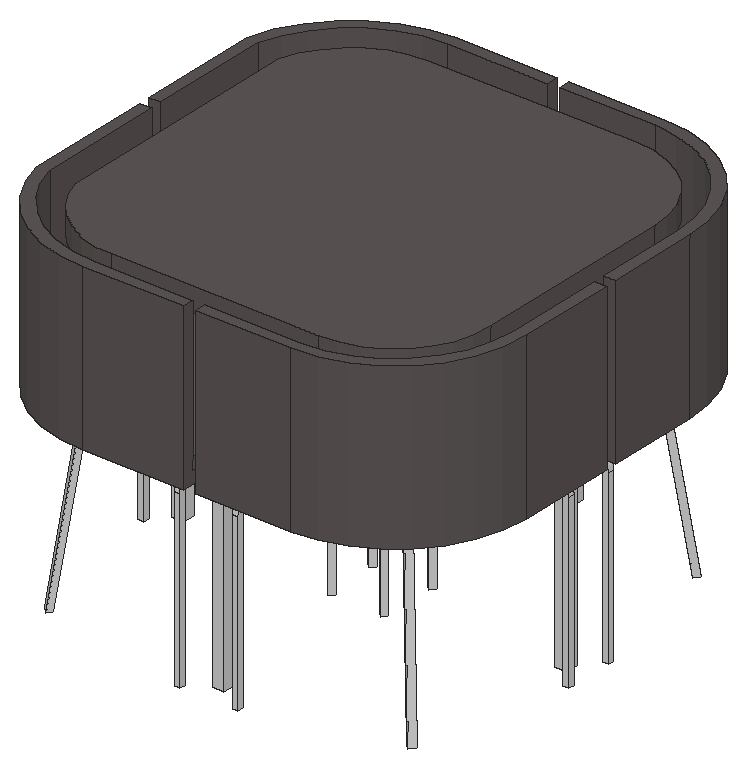
Revit family "Fusion_Table_and_4_chairs", category Furniture, Revit 2012
Reference planes (in)
  plane 1 "Center Front/Back": y = 0
  plane 2: z = 0
  plane 3 "Center Left/Right": x = 0
Forms (in)
  Extrusion 1, solid, material "Wood"
    sketch origin (0.5, -0.5, 0) x (1, 0, 0) y (0, 1, 0)
      loop
        arc (-9.44795, 16.76088) -> (-14.32065, 15.1057) -> (-17.17705, 10.82507) r 8
        line (-17.17705, 10.82507) -> (-17.17705, -10.42831)
        arc (-17.17705, -10.42831) -> (-14.32065, -14.70894) -> (-9.44795, -16.36412) r 8
        line (-9.44795, -16.36412) -> (7.94795, -16.36412)
        arc (7.94795, -16.36412) -> (13.6048, -14.02097) -> (15.94795, -8.36412) r 8
        line (15.94795, -8.36412) -> (15.94795, 8.76088)
        arc (15.94795, 8.76088) -> (13.6048, 14.41773) -> (7.94795, 16.76088) r 8
        line (7.94795, 16.76088) -> (-9.44795, 16.76088)
    from 27.5 to 29.5
  Extrusion 2, solid, material "Wood"
    sketch origin (0, 0, 0) x (1, 0, 0) y (0, 1, 0)
      loop
        line (-0.5, 6.00472) -> (-0.5, 18.26088) -> (-8.94795, 18.26088)
        arc (-8.94795, 18.26088) -> (-15.14802, 16.10684) -> (-18.67705, 10.57268) r 10
        line (-18.67705, 10.57268) -> (-18.67705, 0.5) -> (-6.00472, 0.5)
        arc (-6.00472, 0.5) -> (-2.11229, 2.11229) -> (-0.5, 6.00472) r 5.50472
      loop
        line (0.5, 18.26088) -> (0.5, 6.00472)
        arc (0.5, 6.00472) -> (2.11229, 2.11229) -> (6.00472, 0.5) r 5.50472
        line (6.00472, 0.5) -> (18.44795, 0.5) -> (18.44795, 8.26088)
        arc (18.44795, 8.26088) -> (15.51901, 15.33195) -> (8.44795, 18.26088) r 10
        line (8.44795, 18.26088) -> (0.5, 18.26088)
      loop
        line (0.5, -6.00472) -> (0.5, -18.86412) -> (8.44795, -18.86412)
        arc (8.44795, -18.86412) -> (15.51901, -15.93519) -> (18.44795, -8.86412) r 10
        line (18.44795, -8.86412) -> (18.44795, -0.5) -> (6.00472, -0.5)
        arc (6.00472, -0.5) -> (2.11229, -2.11229) -> (0.5, -6.00472) r 5.50472
      loop
        arc (-0.5, -6.00472) -> (-2.11229, -2.11229) -> (-6.00472, -0.5) r 5.50472
        line (-6.00472, -0.5) -> (-18.67705, -0.5) -> (-18.67705, -11.17592)
        arc (-18.67705, -11.17592) -> (-15.14802, -16.71007) -> (-8.94795, -18.86412) r 10
        line (-8.94795, -18.86412) -> (-0.5, -18.86412) -> (-0.5, -6.00472)
    from 16.125 to 17.125
  Extrusion 3, solid, material "Leather"
    sketch origin (0, 0, 0) x (1, 0, 0) y (0, 1, 0)
      loop
        line (-0.5, 18.26088) -> (-8.94795, 18.26088)
        arc (-8.94795, 18.26088) -> (-15.14802, 16.10684) -> (-18.67705, 10.57268) r 10
        line (-18.67705, 10.57268) -> (-18.67705, 0.5) -> (-6.00472, 0.5)
        arc (-6.00472, 0.5) -> (-2.11229, 2.11229) -> (-0.5, 6.00472) r 5.50472
        line (-0.5, 6.00472) -> (-0.5, 18.26088)
      loop
        line (0.5, 18.26088) -> (0.5, 6.00472)
        arc (0.5, 6.00472) -> (2.11229, 2.11229) -> (6.00472, 0.5) r 5.50472
        line (6.00472, 0.5) -> (18.44795, 0.5) -> (18.44795, 8.26088)
        arc (18.44795, 8.26088) -> (15.51901, 15.33195) -> (8.44795, 18.26088) r 10
        line (8.44795, 18.26088) -> (0.5, 18.26088)
      loop
        line (-6.00472, -0.5) -> (-18.67705, -0.5) -> (-18.67705, -11.17592)
        arc (-18.67705, -11.17592) -> (-15.14802, -16.71007) -> (-8.94795, -18.86412) r 10
        line (-8.94795, -18.86412) -> (-0.5, -18.86412) -> (-0.5, -6.00472)
        arc (-0.5, -6.00472) -> (-2.11229, -2.11229) -> (-6.00472, -0.5) r 5.50472
      loop
        line (18.44795, -0.5) -> (6.00472, -0.5)
        arc (6.00472, -0.5) -> (2.11229, -2.11229) -> (0.5, -6.00472) r 5.50472
        line (0.5, -6.00472) -> (0.5, -18.86412) -> (8.44795, -18.86412)
        arc (8.44795, -18.86412) -> (15.51901, -15.93519) -> (18.44795, -8.86412) r 10
        line (18.44795, -8.86412) -> (18.44795, -0.5)
    from 17.125 to 18.125
  Extrusion 4, solid, material "Wood"
    sketch origin (0, 0, 0) x (1, 0, 0) y (0, 1, 0)
      loop
        line (-19.67705, 10.68703) -> (-19.67705, 0.5) -> (-18.67705, 0.5) -> (-18.67705, 10.57268)
        arc (-18.67705, 10.57268) -> (-15.14802, 16.10684) -> (-8.94795, 18.26088) r 10
        line (-8.94795, 18.26088) -> (-0.5, 18.26088) -> (-0.5, 19.26088) -> (-8.94795, 19.26088)
        arc (-8.94795, 19.26088) -> (-15.81498, 16.85412) -> (-19.67705, 10.68703) r 11
      loop
        arc (-19.67705, -11.29027) -> (-15.81498, -17.45736) -> (-8.94795, -19.86412) r 11
        line (-8.94795, -19.86412) -> (-0.5, -19.86412) -> (-0.5, -18.86412) -> (-8.94795, -18.86412)
        arc (-8.94795, -18.86412) -> (-15.14802, -16.71007) -> (-18.67705, -11.17592) r 10
        line (-18.67705, -11.17592) -> (-18.67705, -0.5) -> (-19.67705, -0.5) -> (-19.67705, -11.29027)
      loop
        arc (8.44795, -19.86412) -> (16.22612, -16.64229) -> (19.44795, -8.86412) r 11
        line (19.44795, -8.86412) -> (19.44795, -0.5) -> (18.44795, -0.5) -> (18.44795, -8.86412)
        arc (18.44795, -8.86412) -> (15.51901, -15.93519) -> (8.44795, -18.86412) r 10
        line (8.44795, -18.86412) -> (0.5, -18.86412) -> (0.5, -19.86412) -> (8.44795, -19.86412)
      loop
        arc (19.44795, 8.26088) -> (16.22612, 16.03906) -> (8.44795, 19.26088) r 11
        line (8.44795, 19.26088) -> (0.5, 19.26088) -> (0.5, 18.26088) -> (8.44795, 18.26088)
        arc (8.44795, 18.26088) -> (15.51901, 15.33195) -> (18.44795, 8.26088) r 10
        line (18.44795, 8.26088) -> (18.44795, 0.5) -> (19.44795, 0.5) -> (19.44795, 8.26088)
    from 16.125 to 29.875
  Extrusion 5, solid, material "Chrome"
    sketch origin (0, 0, 0) x (0, 1, 0) y (0, 0, 1)
      loop
        arc (-13.88588, 27.5) -> (-15.8756, 26.74522) -> (-16.86412, 24.86068) r 3
        line (-16.86412, 24.86068) -> (-16.86412, 0) -> (-15.86412, 0) -> (-15.86412, 24.79423)
        arc (-15.86412, 24.79423) -> (-15.19193, 26.01467) -> (-13.88588, 26.5) r 2
        line (-13.88588, 26.5) -> (13.26088, 26.5)
        arc (13.26088, 26.5) -> (14.67509, 25.91421) -> (15.26088, 24.5) r 2
        line (15.26088, 24.5) -> (15.26088, 0) -> (16.26088, 0) -> (16.26088, 24.5)
        arc (16.26088, 24.5) -> (15.3822, 26.62132) -> (13.26088, 27.5) r 3
        line (13.26088, 27.5) -> (-13.88588, 27.5)
    from -0.5 to 0.5
  Extrusion 6, solid, material "Chrome"
    sketch origin (-0.47867, -0.30162, 0) x (-1, 0, 0) y (0, 0, 1)
      loop
        arc (-13.88588, 27.5) -> (-15.8756, 26.74522) -> (-16.86412, 24.86068) r 3
        line (-16.86412, 24.86068) -> (-16.86412, 0) -> (-15.86412, 0) -> (-15.86412, 24.79423)
        arc (-15.86412, 24.79423) -> (-15.19193, 26.01467) -> (-13.88588, 26.5) r 2
        line (-13.88588, 26.5) -> (13.26088, 26.5)
        arc (13.26088, 26.5) -> (14.67509, 25.91421) -> (15.26088, 24.5) r 2
        line (15.26088, 24.5) -> (15.26088, 0) -> (16.26088, 0) -> (16.26088, 24.5)
        arc (16.26088, 24.5) -> (15.3822, 26.62132) -> (13.26088, 27.5) r 3
        line (13.26088, 27.5) -> (-13.88588, 27.5)
    from -0.5 to 0.5
  Extrusion 7, solid, material "Chrome"
    sketch origin (-20.37553, -19.80355, 0) x (-0.707107, 0.707107, 0) y (0, 0, 1)
      loop
        line (21.05548, 0) -> (21.56171, 0) -> (19.1326, 15.33682)
        arc (19.1326, 15.33682) -> (18.67667, 15.88017) -> (18.01088, 16.12477) r 1.37799
        line (18.01088, 16.12477) -> (18.01088, 15.62144)
        arc (18.01088, 15.62144) -> (18.38239, 15.47581) -> (18.65108, 15.18079) r 0.87799
        line (18.65108, 15.18079) -> (21.05548, 0)
      loop
        line (-21.05548, 0) -> (-18.65108, 15.18079)
        arc (-18.65108, 15.18079) -> (-18.38239, 15.47581) -> (-18.01088, 15.62144) r 0.87799
        line (-18.01088, 15.62144) -> (-18.01088, 16.12477)
        arc (-18.01088, 16.12477) -> (-18.67667, 15.88017) -> (-19.1326, 15.33682) r 1.37799
        line (-19.1326, 15.33682) -> (-21.56171, 0) -> (-21.05548, 0)
    from 27.92441 to 28.51787
  Extrusion 8, solid, material "Chrome"
    sketch origin (-19.99368, 19.32576, 0) x (0.707107, 0.707107, 0) y (0, 0, 1)
      loop
        line (21.05548, 0) -> (21.56171, 0) -> (19.1326, 15.33682)
        arc (19.1326, 15.33682) -> (18.67667, 15.88017) -> (18.01088, 16.12477) r 1.37799
        line (18.01088, 16.12477) -> (18.01088, 15.62144)
        arc (18.01088, 15.62144) -> (18.38239, 15.47581) -> (18.65108, 15.18079) r 0.87799
        line (18.65108, 15.18079) -> (21.05548, 0)
      loop
        line (-21.05548, 0) -> (-18.65108, 15.18079)
        arc (-18.65108, 15.18079) -> (-18.38239, 15.47581) -> (-18.01088, 15.62144) r 0.87799
        line (-18.01088, 15.62144) -> (-18.01088, 16.12477)
        arc (-18.01088, 16.12477) -> (-18.67667, 15.88017) -> (-19.1326, 15.33682) r 1.37799
        line (-19.1326, 15.33682) -> (-21.56171, 0) -> (-21.05548, 0)
    from 27.6069 to 28.33524
  Extrusion 9, solid, material "Chrome"
    sketch origin (-2.00792, 2.77497, 0) x (0.707107, 0.707107, 0) y (0, 0, 1)
      loop
        line (-6.67662, 16.125) -> (-6.67662, 15.625) -> (-4.42662, 15.625)
        arc (-4.42662, 15.625) -> (-4.07307, 15.47855) -> (-3.92662, 15.125) r 0.5
        line (-3.92662, 15.125) -> (-3.92662, 0) -> (-3.42662, 0) -> (-3.42662, 15.125)
        arc (-3.42662, 15.125) -> (-3.71951, 15.83211) -> (-4.42662, 16.125) r 1
        line (-4.42662, 16.125) -> (-6.67662, 16.125)
      loop
        line (2.67662, 0) -> (3.19838, 0) -> (3.19838, 15.2709)
        arc (3.19838, 15.2709) -> (3.37909, 15.52684) -> (3.67662, 15.625) r 0.5
        line (3.67662, 15.625) -> (5.8221, 15.625) -> (5.8221, 16.125) -> (3.67662, 16.125)
        arc (3.67662, 16.125) -> (2.96951, 15.83211) -> (2.67662, 15.125) r 1
        line (2.67662, 15.125) -> (2.67662, 0)
    from 3.0693 to 3.60267
  Extrusion 10, solid, material "Chrome"
    sketch origin (-2.82823, -2.1432, 0) x (-0.707107, 0.707107, 0) y (0, 0, 1)
      loop
        line (-6.67662, 16.125) -> (-6.67662, 15.625) -> (-4.42662, 15.625)
        arc (-4.42662, 15.625) -> (-4.07307, 15.47855) -> (-3.92662, 15.125) r 0.5
        line (-3.92662, 15.125) -> (-3.92662, 0) -> (-3.42662, 0) -> (-3.42662, 15.125)
        arc (-3.42662, 15.125) -> (-3.71951, 15.83211) -> (-4.42662, 16.125) r 1
        line (-4.42662, 16.125) -> (-6.67662, 16.125)
      loop
        line (2.67662, 0) -> (3.19838, 0) -> (3.19838, 15.2709)
        arc (3.19838, 15.2709) -> (3.37909, 15.52684) -> (3.67662, 15.625) r 0.5
        line (3.67662, 15.625) -> (5.8221, 15.625) -> (5.8221, 16.125) -> (3.67662, 16.125)
        arc (3.67662, 16.125) -> (2.96951, 15.83211) -> (2.67662, 15.125) r 1
        line (2.67662, 15.125) -> (2.67662, 0)
    from 3.20067 to 3.70598
  Extrusion 11, solid, material "Chrome"
    sketch origin (0, 0, 0) x (0, 1, 0) y (0, 0, 1)
      loop
        line (17.26088, 0) -> (17.76088, 0) -> (17.76088, 14.33737)
        arc (17.76088, 14.33737) -> (17.30128, 15.47486) -> (16.26088, 16.125) r 1.98519
        line (16.26088, 16.125) -> (16.26088, 15.60417)
        arc (16.26088, 15.60417) -> (16.95281, 15.1107) -> (17.26088, 14.31863) r 1.48519
        line (17.26088, 14.31863) -> (17.26088, 0)
      loop
        arc (-16.86412, 16.125) -> (-17.89702, 15.62071) -> (-18.36412, 14.57047) r 1.68036
        line (-18.36412, 14.57047) -> (-18.36412, 0) -> (-17.86412, 0) -> (-17.86412, 14.55158)
        arc (-17.86412, 14.55158) -> (-17.54998, 15.26009) -> (-16.86412, 15.62103) r 1.18036
        line (-16.86412, 15.62103) -> (-16.86412, 16.125)
    from -2.48351 to -2.03453
  Extrusion 12, solid, material "Chrome"
    sketch origin (5.53453, 0, 0) x (0, 1, 0) y (0, 0, 1)
      loop
        line (17.26088, 0) -> (17.76088, 0) -> (17.76088, 14.33737)
        arc (17.76088, 14.33737) -> (17.30128, 15.47486) -> (16.26088, 16.125) r 1.98519
        line (16.26088, 16.125) -> (16.26088, 15.60417)
        arc (16.26088, 15.60417) -> (16.95281, 15.1107) -> (17.26088, 14.31863) r 1.48519
        line (17.26088, 14.31863) -> (17.26088, 0)
      loop
        arc (-16.86412, 16.125) -> (-17.89702, 15.62071) -> (-18.36412, 14.57047) r 1.68036
        line (-18.36412, 14.57047) -> (-18.36412, 0) -> (-17.86412, 0) -> (-17.86412, 14.55158)
        arc (-17.86412, 14.55158) -> (-17.54998, 15.26009) -> (-16.86412, 15.62103) r 1.18036
        line (-16.86412, 15.62103) -> (-16.86412, 16.125)
    from -3.13493 to -2.67714
  Extrusion 13, solid, material "Chrome"
    sketch origin (0.10692, -0.49632, 0) x (1, 0, 0) y (0, 0, 1)
      loop
        line (17.26088, 0) -> (17.76088, 0) -> (17.76088, 14.33737)
        arc (17.76088, 14.33737) -> (17.30128, 15.47486) -> (16.26088, 16.125) r 1.98519
        line (16.26088, 16.125) -> (16.26088, 15.60417)
        arc (16.26088, 15.60417) -> (16.95281, 15.1107) -> (17.26088, 14.31863) r 1.48519
        line (17.26088, 14.31863) -> (17.26088, 0)
      loop
        arc (-16.86412, 16.125) -> (-17.89702, 15.62071) -> (-18.36412, 14.57047) r 1.68036
        line (-18.36412, 14.57047) -> (-18.36412, 0) -> (-17.86412, 0) -> (-17.86412, 14.55158)
        arc (-17.86412, 14.55158) -> (-17.54998, 15.26009) -> (-16.86412, 15.62103) r 1.18036
        line (-16.86412, 15.62103) -> (-16.86412, 16.125)
    from -2.66987 to -2.23782
  Extrusion 14, solid, material "Chrome"
    sketch origin (0.10692, -5.03085, 0.00001) x (1, 0, 0) y (0, 0, 1)
      loop
        line (17.26088, 0) -> (17.76088, 0) -> (17.76088, 14.33737)
        arc (17.76088, 14.33737) -> (17.30128, 15.47486) -> (16.26088, 16.125) r 1.98519
        line (16.26088, 16.125) -> (16.26088, 15.60417)
        arc (16.26088, 15.60417) -> (16.95281, 15.1107) -> (17.26088, 14.31863) r 1.48519
        line (17.26088, 14.31863) -> (17.26088, 0)
      loop
        arc (-16.86412, 16.125) -> (-17.89702, 15.62071) -> (-18.36412, 14.57047) r 1.68036
        line (-18.36412, 14.57047) -> (-18.36412, 0) -> (-17.86412, 0) -> (-17.86412, 14.55158)
        arc (-17.86412, 14.55158) -> (-17.54998, 15.26009) -> (-16.86412, 15.62103) r 1.18036
        line (-16.86412, 15.62103) -> (-16.86412, 16.125)
    from -3.06297 to -2.58772
Cuts and joins
  joined: Extrusion 5, Extrusion 6
  joined: Extrusion 2, Extrusion 4
Dimensions and locks (in)
  aligned and locked: level to plane 2
